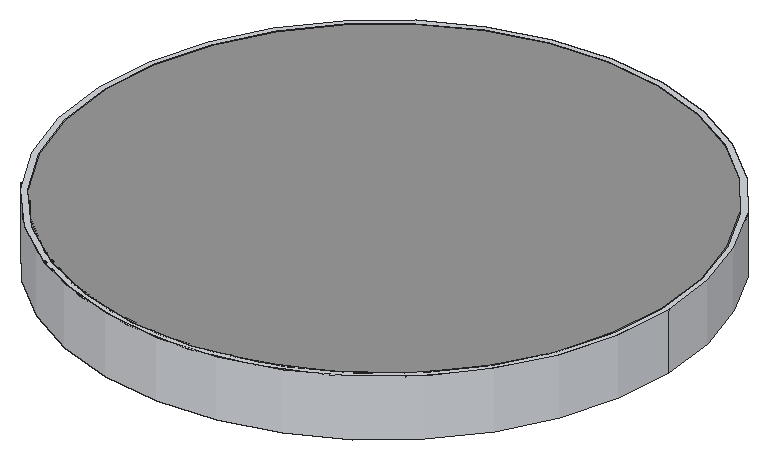
Revit family "2071215", category Lighting Fixtures, host Face, Revit 2018
Family settings
  Host = Face
  Round Connector Dimension = Use Diameter
  Part Type = Normal
  OmniClass Number = 23.80.70.00
  OmniClass Title = Lighting
  Cut with Voids When Loaded = No
  Light Source = Yes
  Shared = No
  Room Calculation Point = No
Parameters (values of type "2071215 COLOSSAL 600 840 PR DIR+H WHT")
  iner diameter = 588 mm
  Weight = "n/a"
  Wattage Comments = ""
  Wattage = 30 W
  WarrantyStartDate [instance] = "n/a"
  WarrantyGuarantorParts = "n/a"
  WarrantyDurationUnit = "n/a"
  WarrantyDurationParts = ""
  WarrantyDescription = "http://www.sylvania-lighting.com"
  built-in parameter 1150110 = 1 (stored number, unit not read)
  Voltage = 230 V
  URL = "0.95"
  TypeName = "COLOSSAL 600mm 840 PRISM DIR+HAL WHITE"
  Type Image = <None>
  Type Comments = "n/a"
  built-in parameter 1114217 = 1 (stored number, unit not read)
  Tilt Angle = -90.00°
  built-in parameter 1150109 = 1 (stored number, unit not read)
  built-in parameter 1150134 = (empty or 0)
  built-in parameter 1150113 = 1 (stored number, unit not read)
  SerialNumber [instance] = "n/a"
  Photometric Web File = "2071215.ies"
  Material_3_SYL = LED-Sylvania
  PowerFactor = 0
  PowerConsumption = "Lighting"
  NominalLength = 600 mm
  NominalHeight = 93 mm
  NominalDepth = 600 mm
  Name = "COLOSSAL 600mm 840 PRISM DIR+HAL WHITE"
  ModelReference = Name  # "COLOSSAL 600mm 840 PRISM DIR+HAL WHITE"
  ModelNumber = "2071215"
  Model = Name  # "COLOSSAL 600mm 840 PRISM DIR+HAL WHITE"
  Material = "Feilo Sylvania"
  ManufacturerName = "131 lm/W"
  Manufacturer = ""
  LuminousEfficacy = ""
  built-in parameter 1150105 = 270.44 (stored number, unit not read)
  Lumens = 3398.4 lm
  LuminaireType = "0"
  built-in parameter 1150115 = 1 (stored number, unit not read)
  LightOutputRatio = "LED"
  built-in parameter 1150137 = (empty or 0)
  built-in parameter 1150139 = (empty or 0)
  LampsType = Lamp  # "n/a"
  LampNominalLuminous = "4000 K"
  LampMacAdamStep = "80"
  LampColourTemperature = "LED"
  LampColourRenderingIndex = "16500"
  built-in parameter 1150112 = 1 (stored number, unit not read)
  built-in parameter 1150114 = 1 (stored number, unit not read)
  Lamp = "n/a"
  Keynote = "n/a"
  InstallationDate [instance] = "n/a"
  InputVoltage = "0"
  InputNominalFrequency = "4000"
  built-in parameter 1150132 = (empty or 0)
  built-in parameter 1150102 = (empty or 0)
  built-in parameter 1150107 = 3000 (stored number, unit not read)
  built-in parameter 1150138 = (empty or 0)
  IngressProtection = "IfcLightFixtureType"
  ImpactProtectionIndex = "IfcLightFixtureType"
  built-in parameter 1150106 = 2.7044 (stored number, unit not read)
  IfcExportType = "IfcLightFixtureType"
  IfcExportAs = "Class I"
  Emit from Circle Diameter = 385 mm
  Emit Shape Visible in Rendering = no
  ElectricShockClassification = "131"
  built-in parameter 1150104 = 10.524 (stored number, unit not read)
  DocumentationLiterature = "http://www.sylvania-lighting.com/product/en-int/products/2071215"
  DimmingControlOptions = "n/a"
  Material_2_SYL = Polycarbonate_Sylvania_White
  Dimming Lamp Color Temperature Shift = <None>
  Description = "600mm diameter circular architectural luminaire, can be surface mounted or suspended. Powder coated aluminium housing (RAL9016) with PMMA prismatic diffuser. Direct/indirect (halo) light distribution, 4090lm luminuous flux, 31.3W system power, 131lm/W luminiaire efficacy. Constant current driver. Colour rendering index Ra >80, 4000K Neutral White LED, chromaticity tolerance of 3-step MacAdam ellipse. IP40, IK03. 350mA drive current. UGR≤19. Electrical protection Class1, 220-240V. Reported lifetime 66k hours L90B10."
  Default Elevation = 1219.2 mm
  CreatedOn = "23/03/2022"
  CreatedBy = "@sylvania-lighting.com"
  Cost = 0
  Color Filter = 16777215
  built-in parameter 1114216 [instance] = (empty or 0)
  ClassificationValue = "EF_70_80"
  ClassificationName = "Uniclass2015"
  Material_1_SYL = Polycarbonate_Sylvania_Opal
  BarCode [instance] = "n/a"
  built-in parameter 1114218 = 1 (stored number, unit not read)
  built-in parameter 1150133 = 10 (stored number, unit not read)
  AssetType = "Fixed"
  AssetIdentifier [instance] = "n/a"
  Assembly Code = "D5020200"
  Apparent Load = 31.3 VA
  Material_4_SYL = none
Reference planes
  plane 1 "Center (Front/Back)": y = 0
  plane 2: z = 0
  plane 3 "Center (Left/Right)": x = 0
  plane 4: x = -300
  plane 5: x = 300
  plane 6: y = 300
  plane 7: y = -300
  plane 8: y = 212
  plane 9: y = -212
  plane 10: z = 93
  plane 11: y = 294
  plane 12: y = -294
  plane 13: through (0, 0, 1219.2) normal (0.5, -0.866, 0)
  plane 14: through (-134.29, 20.617, 1219.2) normal (0.5, -0.866, 0)
  plane 15: through (-144.685, -181.683, 1219.2) normal (-0.5, 0.866, 0)
  plane 16: through (0, 0, 1219.2) normal (0.5, 0.866, 0)
  plane 17: through (178.555, -4.939, 1219.2) normal (0.5, 0.866, 0)
  plane 18: through (87.581, -148.715, 1219.2) normal (0.5, 0.866, 0)
  plane 19: y = 272
  plane 20: through (105.168, 227.067, 1219.2) normal (0.866, 0.5, 0)
  plane 21: through (-104.171, 225.672, 1219.2) normal (0.8572, -0.515, 0)
  plane 22: y = -204.612
  plane 23: through (-296.643, -30.2, 1219.2) normal (0.866, 0.5, 0)
  plane 24: through (153.092, -278.837, 1219.2) normal (-0.866, 0.5, 0)
Forms (mm)
  Extrusion 1, solid, detail levels medium+fine
    sketch origin (0, 0, 0) x (1, 0, 0) y (0, 1, 0)
      loop
        circle (0, 0) r 300
    from 33.023 to 93
  Extrusion 2, void
    sketch origin (0, 0, 0) x (1, 0, 0) y (0, 1, 0)
      loop
        circle (0, 0) r 294
    from 93 to 37.292
  Extrusion 3, solid, material "Glass, White, High Luminance", detail levels fine
    sketch origin (0, 0, 0) x (1, 0, 0) y (0, 1, 0)
      loop
        circle (0, 0) r 294
    from 88.026 to 93
  Extrusion 4, solid, detail levels coarse
    sketch origin (0, 0, 0) x (1, 0, 0) y (0, 1, 0)
      loop
        line (-300, 300) -> (-300, -300) -> (300, -300) -> (300, 300) -> (-300, 300)
    from 0 to 93
  Blend 5, solid, detail levels medium+fine
    base sketch origin (0, 0, 0) x (1, 0, 0) y (0, 1, 0)
      loop
        line (-76.334, 272) -> (-277.665, -63.07) -> (-195.946, -204.612) -> (195.946, -204.612) -> (275.172, -67.388) -> (79.226, 272) -> (-76.334, 272)
    top sketch origin (0, 0, 0) x (1, 0, 0) y (0, 1, 0)
      loop
        line (-226.097, -32.388) -> (-141.097, -179.612) -> (141.097, -179.612) -> (226.097, -32.388) -> (85, 212) -> (-85, 212) -> (-226.097, -32.388)
    from 33.023 to 0
Cuts and joins
  Extrusion 2 cuts Extrusion 1
Lines and regions (mm)
  model lines
    curve 1: line (-85, 212, 0) -> (0, 212, 0)
    curve 2: line (0, 212, 0) -> (85, 212, 0)
Dimensions and locks
  "NominalDepth": plane 6 to plane 7
  "NominalLength": plane 4 to plane 5
  equal spacing: plane 4, plane 3 "Center (Left/Right)", plane 5
  "iner diameter": plane 11 to plane 12
  equal spacing: plane 11, plane 1 "Center (Front/Back)", plane 12
  equal spacing: plane 6, plane 1 "Center (Front/Back)", plane 7
  "NominalHeight": plane 10 to level
  radius of Extrusion 2 sketch curve = 294 mm
  aligned and locked: plane 2 to host face
  aligned and locked: level to host face
Automatic sketch dimensions
  host sketch curve to host sketch curve = 2438.4 mm  (x2)
  plane 1 "Center (Front/Back)" to Extrusion 1 sketch curve = 0 mm
  Extrusion 1 sketch curve to plane 3 "Center (Left/Right)" = 0 mm
  plane 1 "Center (Front/Back)" to Extrusion 2 sketch curve = 0 mm
  Extrusion 2 sketch curve to plane 3 "Center (Left/Right)" = 0 mm
  plane 1 "Center (Front/Back)" to Extrusion 3 sketch curve = 0 mm
  Extrusion 3 sketch curve to plane 3 "Center (Left/Right)" = 0 mm
  Extrusion 4 sketch curve to plane 4 = 0 mm
  Extrusion 4 sketch curve to plane 5 = 0 mm
  Extrusion 4 sketch curve to plane 7 = 0 mm
  Extrusion 4 sketch curve to plane 6 = 0 mm
  Blend 5 sketch curve to plane 8 = 0 mm
  Blend 5 sketch curve to plane 3 "Center (Left/Right)" = 85 mm
  plane 3 "Center (Left/Right)" to Blend 5 sketch curve = 85 mm
  plane 9 to Blend 5 sketch curve = 32.388 mm
  plane 3 "Center (Left/Right)" to Blend 5 sketch curve = 141.097 mm
  plane 1 "Center (Front/Back)" to Blend 5 sketch curve = 32.388 mm  (x2)
  Blend 5 sketch curve to plane 5 = 73.903 mm
  Blend 5 sketch curve to plane 3 "Center (Left/Right)" = 141.097 mm
  plane 4 to Blend 5 sketch curve = 73.903 mm
  curve 1 to plane 8 = 0 mm
  curve 2 to plane 3 "Center (Left/Right)" = 0 mm
  curve 1 to plane 3 "Center (Left/Right)" = 85 mm
  curve 1 to curve 2 = 85 mm
  Blend 5 sketch curve to plane 21 = 0 mm
  Blend 5 sketch curve to plane 23 = 0 mm  (x2)
  Blend 5 sketch curve to plane 22 = 0 mm
  Blend 5 sketch curve to plane 19 = 0 mm
  plane 21 to Blend 5 sketch curve = 0 mm
  Blend 5 sketch curve to plane 20 = 0 mm  (x2)
  Blend 5 sketch curve to plane 24 = 0 mm  (x2)
  radius of Extrusion 1 sketch curve = 300 mm
  radius of Extrusion 3 sketch curve = 294 mm
Connectors
  electrical at (0, 0, 0), driven by "Apparent Load", driven by "PowerFactor", driven by "Voltage"
    settings: index 1, voltage 230 V, apparent load 31.3 VA, apparent load phase1 0 VA, apparent load phase2 0 VA, apparent load phase3 0 VA, power factor 0, load classification "Lighting", number of poles 1, system type 30, power factor state 1, is connector primary yes, connector utility no, sub classification motor no, connector description ""
